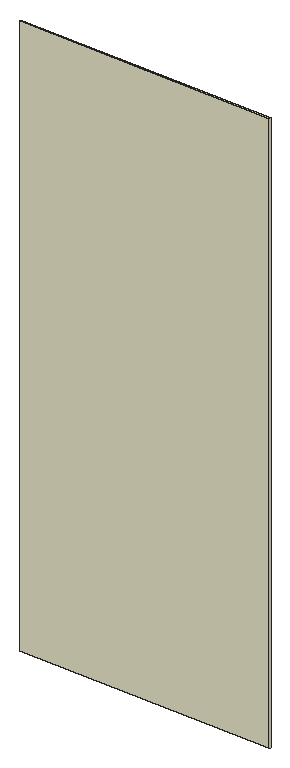
Revit family "MDR MR Honeycomb", category Generic Models, Revit 2017 (continued)
Lines and regions (mm)
  model lines, style "easycraft expressions pattern"
    curve 729: line (170.862, -9.5, 61.814) -> (129.302, -9.5, 123.625)
    curve 730: line (129.302, -9.5, 123.625) -> (170.862, -9.5, 185.435)
    curve 731: line (170.862, -9.5, 185.435) -> (129.302, -9.5, 247.246)
    curve 732: line (129.302, -9.5, 247.246) -> (170.862, -9.5, 309.057)
    curve 733: line (170.862, -9.5, 309.057) -> (129.302, -9.5, 370.868)
    curve 734: line (129.302, -9.5, 370.868) -> (170.862, -9.5, 432.677)
    curve 735: line (170.862, -9.5, 432.676) -> (129.302, -9.5, 494.488)
    curve 736: line (129.302, -9.5, 494.488) -> (170.862, -9.5, 556.299)
    curve 737: line (170.862, -9.5, 556.299) -> (129.302, -9.5, 618.11)
    curve 738: line (129.302, -9.5, 618.11) -> (170.863, -9.5, 679.922)
    curve 739: line (170.862, -9.5, 679.921) -> (129.302, -9.5, 741.732)
    curve 740: line (129.302, -9.5, 741.732) -> (170.862, -9.5, 803.543)
    curve 741: line (170.862, -9.5, 803.543) -> (129.302, -9.5, 865.354)
    curve 742: line (129.302, -9.5, 865.354) -> (170.862, -9.5, 927.167)
    curve 743: line (170.861, -9.5, 927.168) -> (129.302, -9.5, 988.978)
    curve 744: line (129.302, -9.5, 988.978) -> (170.863, -9.5, 1050.789)
    curve 745: line (170.862, -9.5, 1050.787) -> (129.302, -9.5, 1112.599)
    curve 746: line (129.302, -9.5, 1112.599) -> (170.862, -9.5, 1174.408)
    curve 747: line (170.861, -9.5, 1174.41) -> (129.302, -9.5, 1236.22)
    curve 748: line (129.302, -9.5, 1236.22) -> (170.862, -9.5, 1298.032)
    curve 749: line (170.862, -9.5, 1298.032) -> (129.302, -9.5, 1359.843)
    curve 750: line (129.302, -9.5, 1359.843) -> (170.862, -9.5, 1421.653)
    curve 751: line (170.862, -9.5, 1421.653) -> (129.302, -9.5, 1483.464)
    curve 752: line (129.302, -9.5, 1483.464) -> (170.862, -9.5, 1545.271)
    curve 753: line (170.861, -9.5, 1545.272) -> (129.302, -9.5, 1607.082)
    curve 754: line (129.302, -9.5, 1607.082) -> (170.862, -9.5, 1668.896)
    curve 755: line (170.861, -9.5, 1668.897) -> (129.302, -9.5, 1730.707)
    curve 756: line (129.302, -9.5, 1730.707) -> (170.863, -9.5, 1792.516)
    curve 757: line (170.862, -9.5, 1792.515) -> (129.302, -9.5, 1854.326)
    curve 758: line (129.302, -9.5, 1854.326) -> (170.862, -9.5, 1916.137)
    curve 759: line (170.86, -9.5, 1916.139) -> (129.302, -9.5, 1977.948)
    curve 760: line (129.302, -9.5, 1977.948) -> (170.863, -9.5, 2039.764)
    curve 761: line (170.862, -9.5, 2039.762) -> (129.302, -9.5, 2101.573)
    curve 762: line (129.302, -9.5, 2101.573) -> (170.862, -9.5, 2163.382)
    curve 763: line (170.862, -9.5, 2163.382) -> (129.302, -9.5, 2225.194)
    curve 764: line (129.302, -9.5, 2225.194) -> (170.862, -9.5, 2287.005)
    curve 765: line (170.861, -9.5, 2287.006) -> (129.302, -9.5, 2348.816)
    curve 766: line (129.302, -9.5, 2348.816) -> (170.862, -9.5, 2410.638)
    curve 767: line (170.862, -9.5, 2410.638) -> (229.294, -9.5, 2410.638)
    curve 768: line (129.302, -9.5, 2348.816) -> (70.868, -9.5, 2348.816)
    curve 769: line (129.301, -9.5, 2225.196) -> (70.868, -9.5, 2225.196)
    curve 770: line (129.301, -9.5, 2101.575) -> (70.868, -9.5, 2101.575)
    curve 771: line (129.301, -9.5, 1977.95) -> (70.868, -9.5, 1977.95)
    curve 772: line (129.302, -9.5, 1854.326) -> (70.868, -9.5, 1854.326)
    curve 773: line (129.302, -9.5, 1730.707) -> (70.868, -9.5, 1730.707)
    curve 774: line (129.302, -9.5, 1607.082) -> (70.868, -9.5, 1607.082)
    curve 775: line (129.302, -9.5, 1483.464) -> (70.868, -9.5, 1483.464)
    curve 776: line (129.302, -9.5, 1359.843) -> (70.868, -9.5, 1359.843)
    curve 777: line (129.302, -9.5, 1236.22) -> (70.868, -9.5, 1236.22)
    curve 778: line (129.302, -9.5, 1112.599) -> (70.868, -9.5, 1112.599)
    curve 779: line (129.302, -9.5, 988.978) -> (70.868, -9.5, 988.978)
    curve 780: line (129.301, -9.5, 865.355) -> (70.869, -9.5, 865.355)
    curve 781: line (129.302, -9.5, 741.732) -> (70.868, -9.5, 741.732)
    curve 782: line (129.302, -9.5, 618.11) -> (70.868, -9.5, 618.11)
    curve 783: line (129.301, -9.5, 494.489) -> (70.869, -9.5, 494.489)
    curve 784: line (129.302, -9.5, 370.868) -> (70.868, -9.5, 370.868)
    curve 785: line (129.302, -9.5, 247.246) -> (70.868, -9.5, 247.246)
    curve 786: line (129.302, -9.5, 123.625) -> (70.868, -9.5, 123.625)
    curve 787: line (29.31, -9.5, 2657.87) -> (0.063, -9.5, 2657.87)
    curve 788: line (29.31, -9.5, 2534.248) -> (0.063, -9.5, 2534.248)
    curve 789: line (29.31, -9.5, 2410.626) -> (0.063, -9.5, 2410.626)
    curve 790: line (29.31, -9.5, 2287.005) -> (0.063, -9.5, 2287.005)
    curve 791: line (29.31, -9.5, 2163.385) -> (0.063, -9.5, 2163.385)
    curve 792: line (29.31, -9.5, 2039.76) -> (0.063, -9.5, 2039.76)
    curve 793: line (29.31, -9.5, 1916.137) -> (0.063, -9.5, 1916.137)
    curve 794: line (29.31, -9.5, 1792.517) -> (0.063, -9.5, 1792.517)
    curve 795: line (29.31, -9.5, 1668.892) -> (0.063, -9.5, 1668.892)
    curve 796: line (29.31, -9.5, 1545.274) -> (0.063, -9.5, 1545.274)
    curve 797: line (29.31, -9.5, 1421.653) -> (0.063, -9.5, 1421.653)
    curve 798: line (29.31, -9.5, 1298.03) -> (0.063, -9.5, 1298.03)
    curve 799: line (29.31, -9.5, 1174.409) -> (0.063, -9.5, 1174.409)
    curve 800: line (29.31, -9.5, 1050.788) -> (0.063, -9.5, 1050.788)
    curve 801: line (29.31, -9.5, 927.166) -> (0.063, -9.5, 927.166)
    curve 802: line (29.309, -9.5, 803.542) -> (0.063, -9.5, 803.542)
    curve 803: line (29.31, -9.5, 679.92) -> (0.063, -9.5, 679.92)
    curve 804: line (29.31, -9.5, 556.299) -> (0.063, -9.5, 556.299)
    curve 805: line (29.309, -9.5, 432.678) -> (0.063, -9.5, 432.678)
    curve 806: line (29.31, -9.5, 309.056) -> (0.063, -9.5, 309.056)
    curve 807: line (29.31, -9.5, 185.435) -> (0.063, -9.5, 185.435)
    curve 808: line (29.309, -9.5, 61.815) -> (0.063, -9.5, 61.815)
    curve 809: line (1129.224, -9.5, 2719.688) -> (1070.792, -9.5, 2719.689)
    curve 810: line (929.24, -9.5, 2719.688) -> (870.807, -9.5, 2719.69)
    curve 811: line (729.26, -9.5, 2719.682) -> (670.823, -9.5, 2719.69)
    curve 812: line (529.271, -9.5, 2719.69) -> (470.838, -9.5, 2719.691)
    curve 813: line (329.293, -9.5, 2719.679) -> (270.854, -9.5, 2719.692)
    curve 814: line (129.301, -9.5, 2719.691) -> (70.869, -9.5, 2719.692)
Dimensions and locks
  "Panel_thickness": plane 4 "Panel face" to plane 1 "Center (Front/Back)"
  "Panel_width": Extrusion 1 to Extrusion 1
  "Panel_height": plane 5 to plane 2
  aligned and locked: level to plane 2
  aligned and locked: Extrusion 1 to level
  aligned and locked: plane 4 "Panel face" to Extrusion 1
Automatic sketch dimensions
  curve 90 to level = 0 mm
  plane 3 "Center (Left/Right)" to curve 726 = 29.309 mm
  plane 3 "Center (Left/Right)" to curve 714 = 29.309 mm
  plane 3 "Center (Left/Right)" to curve 805 = 29.309 mm
  plane 3 "Center (Left/Right)" to curve 803 = 29.31 mm
  plane 3 "Center (Left/Right)" to curve 804 = 29.31 mm
  plane 3 "Center (Left/Right)" to curve 806 = 29.31 mm
  plane 3 "Center (Left/Right)" to curve 807 = 29.31 mm
  plane 3 "Center (Left/Right)" to curve 801 = 29.31 mm
  plane 3 "Center (Left/Right)" to curve 800 = 29.31 mm
  plane 3 "Center (Left/Right)" to curve 799 = 29.31 mm
  plane 3 "Center (Left/Right)" to curve 691 = 29.31 mm
  plane 3 "Center (Left/Right)" to curve 798 = 29.31 mm
  plane 3 "Center (Left/Right)" to curve 797 = 29.31 mm
  plane 3 "Center (Left/Right)" to curve 796 = 29.31 mm
  plane 3 "Center (Left/Right)" to curve 689 = 29.31 mm
  plane 3 "Center (Left/Right)" to curve 795 = 29.31 mm
  plane 3 "Center (Left/Right)" to curve 794 = 29.31 mm
  plane 3 "Center (Left/Right)" to curve 793 = 29.31 mm
  plane 3 "Center (Left/Right)" to curve 685 = 29.31 mm
  plane 3 "Center (Left/Right)" to curve 683 = 29.31 mm
  plane 3 "Center (Left/Right)" to curve 694 = 29.31 mm
  plane 3 "Center (Left/Right)" to curve 791 = 29.31 mm
  plane 3 "Center (Left/Right)" to curve 693 = 70.868 mm
  plane 3 "Center (Left/Right)" to curve 695 = 70.868 mm
  plane 3 "Center (Left/Right)" to curve 691 = 70.868 mm
  plane 3 "Center (Left/Right)" to curve 779 = 70.868 mm
  plane 3 "Center (Left/Right)" to curve 699 = 70.868 mm
  plane 3 "Center (Left/Right)" to curve 705 = 70.868 mm
  plane 3 "Center (Left/Right)" to curve 768 = 70.868 mm
  plane 3 "Center (Left/Right)" to curve 703 = 70.868 mm
  plane 3 "Center (Left/Right)" to curve 781 = 70.868 mm
  plane 3 "Center (Left/Right)" to curve 707 = 70.868 mm
  plane 3 "Center (Left/Right)" to curve 782 = 70.868 mm
  plane 3 "Center (Left/Right)" to curve 772 = 70.868 mm
  plane 3 "Center (Left/Right)" to curve 709 = 70.868 mm
  plane 3 "Center (Left/Right)" to curve 784 = 70.868 mm
  plane 3 "Center (Left/Right)" to curve 786 = 70.868 mm
  plane 3 "Center (Left/Right)" to curve 683 = 70.868 mm
  plane 3 "Center (Left/Right)" to curve 774 = 70.868 mm
  plane 3 "Center (Left/Right)" to curve 685 = 70.868 mm
  plane 3 "Center (Left/Right)" to curve 723 = 70.868 mm
  plane 3 "Center (Left/Right)" to curve 713 = 70.869 mm
  plane 3 "Center (Left/Right)" to curve 719 = 70.869 mm
  curve 719 to curve 736 = 58.434 mm
  curve 683 to curve 686 = 58.434 mm
  curve 721 to curve 734 = 58.434 mm
  curve 685 to curve 687 = 58.434 mm
  curve 705 to curve 776 = 58.434 mm
  curve 723 to curve 732 = 58.434 mm
  curve 703 to curve 775 = 58.434 mm
  curve 713 to curve 741 = 58.434 mm
  curve 725 to curve 730 = 58.434 mm
  curve 717 to curve 737 = 58.434 mm
  curve 701 to curve 753 = 58.434 mm
  curve 711 to curve 743 = 58.434 mm
  curve 699 to curve 773 = 58.434 mm
  curve 697 to curve 772 = 58.434 mm
  curve 709 to curve 745 = 58.434 mm
  curve 695 to curve 759 = 58.435 mm
  curve 715 to curve 740 = 58.434 mm
  curve 707 to curve 777 = 58.434 mm
  curve 693 to curve 761 = 58.435 mm
  curve 691 to curve 763 = 58.435 mm
  curve 689 to curve 768 = 58.434 mm
  curve 759 to curve 665 = 41.558 mm
  curve 747 to curve 747 = 41.559 mm
  curve 773 to curve 667 = 41.559 mm
  curve 765 to curve 662 = 41.559 mm
  curve 743 to curve 743 = 41.559 mm
  curve 753 to curve 753 = 41.559 mm
  curve 659 to curve 767 = 41.559 mm
  curve 761 to curve 763 = 41.559 mm
  curve 739 to curve 741 = 41.559 mm
  curve 729 to curve 730 = 41.559 mm
  curve 749 to curve 751 = 41.559 mm
  curve 659 to curve 658 = 41.559 mm
  curve 731 to curve 732 = 41.559 mm
  curve 747 to curve 749 = 41.559 mm
  curve 735 to curve 736 = 41.559 mm
  curve 735 to curve 677 = 41.56 mm
  curve 757 to curve 666 = 41.56 mm
  curve 745 to curve 672 = 41.56 mm
  curve 739 to curve 738 = 41.56 mm
  curve 729 to curve 680 = 41.56 mm
  curve 761 to curve 760 = 41.561 mm
  level to curve 596 = 61.815 mm
  curve 680 to curve 596 = 58.431 mm
  curve 672 to curve 672 = 58.431 mm
  curve 671 to curve 671 = 58.433 mm
  curve 673 to curve 673 = 58.433 mm
  curve 748 to curve 670 = 58.432 mm
  curve 750 to curve 669 = 58.432 mm
  curve 675 to curve 675 = 58.431 mm
  curve 668 to curve 668 = 58.433 mm
  curve 736 to curve 676 = 58.432 mm
  curve 667 to curve 667 = 58.433 mm
  curve 666 to curve 666 = 58.431 mm
  curve 732 to curve 678 = 58.432 mm
  curve 665 to curve 665 = 58.434 mm
  curve 730 to curve 679 = 58.432 mm
  curve 662 to curve 559 = 58.433 mm
  curve 656 to curve 551 = 58.432 mm
  curve 658 to curve 661 = 58.432 mm
  curve 766 to curve 557 = 58.432 mm
  curve 677 to curve 590 = 58.432 mm
  curve 762 to curve 561 = 58.432 mm
  curve 664 to curve 563 = 58.431 mm
  curve 740 to curve 584 = 58.432 mm
  curve 559 to curve 560 = 41.558 mm
  curve 563 to curve 640 = 41.558 mm
  curve 561 to curve 562 = 41.558 mm
  curve 575 to curve 576 = 41.559 mm
  curve 569 to curve 570 = 41.559 mm
  curve 577 to curve 578 = 41.559 mm
  curve 571 to curve 644 = 41.559 mm
  curve 573 to curve 645 = 41.559 mm
  curve 579 to curve 580 = 41.559 mm
  curve 567 to curve 642 = 41.559 mm
  curve 565 to curve 566 = 41.559 mm
  curve 583 to curve 584 = 41.559 mm
  curve 589 to curve 653 = 41.559 mm
  curve 593 to curve 655 = 41.559 mm
  curve 551 to curve 555 = 41.559 mm
  curve 581 to curve 649 = 41.559 mm
  curve 557 to curve 556 = 41.559 mm
  curve 559 to curve 558 = 41.559 mm
  curve 587 to curve 586 = 41.559 mm
  curve 589 to curve 588 = 41.559 mm
  curve 593 to curve 592 = 41.559 mm
  curve 562 to curve 630 = 58.434 mm
  curve 588 to curve 604 = 58.433 mm
  curve 592 to curve 601 = 58.433 mm
  curve 594 to curve 655 = 58.434 mm
  curve 556 to curve 556 = 58.433 mm
  curve 552 to curve 555 = 58.434 mm
  curve 568 to curve 642 = 58.434 mm
  curve 586 to curve 606 = 58.433 mm
  curve 578 to curve 647 = 58.434 mm
  curve 590 to curve 602 = 58.434 mm
  curve 584 to curve 608 = 58.434 mm
  curve 566 to curve 626 = 58.434 mm
  curve 582 to curve 610 = 58.434 mm
  curve 580 to curve 612 = 58.434 mm
  curve 564 to curve 628 = 58.435 mm
  curve 570 to curve 643 = 58.434 mm
  curve 572 to curve 644 = 58.434 mm
  curve 574 to curve 645 = 58.434 mm
  curve 576 to curve 616 = 58.434 mm
  curve 560 to curve 632 = 58.435 mm
  curve 558 to curve 634 = 58.433 mm
  curve 632 to curve 532 = 41.558 mm
  curve 618 to curve 539 = 41.559 mm
  curve 624 to curve 536 = 41.559 mm
  curve 602 to curve 547 = 41.559 mm
  curve 528 to curve 636 = 41.559 mm
  curve 632 to curve 634 = 41.559 mm
  curve 628 to curve 630 = 41.559 mm
  curve 620 to curve 622 = 41.559 mm
  curve 528 to curve 527 = 41.559 mm
  curve 602 to curve 603 = 41.559 mm
  curve 604 to curve 605 = 41.559 mm
  curve 606 to curve 607 = 41.559 mm
  curve 608 to curve 609 = 41.559 mm
  curve 610 to curve 611 = 41.559 mm
  curve 612 to curve 613 = 41.559 mm
  curve 614 to curve 616 = 41.559 mm
  curve 598 to curve 549 = 41.56 mm
  curve 626 to curve 625 = 41.56 mm
  curve 600 to curve 599 = 41.56 mm
  curve 620 to curve 619 = 41.56 mm
  curve 628 to curve 534 = 41.561 mm
  level to curve 477 = 61.814 mm
  curve 549 to curve 477 = 58.431 mm
  curve 548 to curve 548 = 58.431 mm
  curve 621 to curve 537 = 58.432 mm
  curve 536 to curve 536 = 58.433 mm
  curve 615 to curve 540 = 58.432 mm
  curve 535 to curve 535 = 58.431 mm
  curve 547 to curve 547 = 58.433 mm
  curve 534 to curve 534 = 58.431 mm
  curve 538 to curve 538 = 58.431 mm
  curve 633 to curve 531 = 58.432 mm
  curve 527 to curve 530 = 58.432 mm
  curve 539 to curve 454 = 58.433 mm
  curve 613 to curve 541 = 58.432 mm
  curve 611 to curve 542 = 58.432 mm
  curve 605 to curve 545 = 58.432 mm
  curve 607 to curve 544 = 58.432 mm
  curve 635 to curve 636 = 58.432 mm
  curve 525 to curve 525 = 58.432 mm
  curve 603 to curve 471 = 58.432 mm
  curve 629 to curve 434 = 58.432 mm
  curve 532 to curve 432 = 58.434 mm
  curve 609 to curve 465 = 58.432 mm
  curve 426 to curve 427 = 41.559 mm
  curve 470 to curve 471 = 41.559 mm
  curve 439 to curve 440 = 41.559 mm
  curve 422 to curve 425 = 41.559 mm
  curve 420 to curve 424 = 41.559 mm
  curve 472 to curve 473 = 41.559 mm
  level to curve 475 = 123.625 mm
  curve 474 to curve 475 = 41.559 mm
  curve 455 to curve 460 = 41.559 mm
  curve 468 to curve 469 = 41.559 mm
  curve 443 to curve 453 = 41.559 mm
  curve 455 to curve 454 = 41.559 mm
  curve 457 to curve 461 = 41.559 mm
  curve 464 to curve 463 = 41.559 mm
  curve 431 to curve 430 = 41.559 mm
  curve 466 to curve 465 = 41.559 mm
  curve 433 to curve 432 = 41.559 mm
  curve 468 to curve 467 = 41.559 mm
  curve 435 to curve 434 = 41.559 mm
  curve 535 to curve 436 = 41.559 mm
  curve 439 to curve 438 = 41.559 mm
  curve 443 to curve 442 = 41.559 mm
  curve 432 to curve 446 = 58.433 mm
  curve 423 to curve 397 = 58.434 mm
  curve 475 to curve 524 = 58.434 mm
  curve 473 to curve 523 = 58.434 mm
  curve 471 to curve 522 = 58.434 mm
  curve 421 to curve 396 = 58.434 mm
  curve 467 to curve 520 = 58.433 mm
  curve 465 to curve 519 = 58.433 mm
  curve 452 to curve 499 = 58.433 mm
  curve 427 to curve 516 = 58.434 mm
  curve 436 to curve 448 = 58.433 mm
  curve 454 to curve 498 = 58.433 mm
  curve 438 to curve 449 = 58.433 mm
  curve 440 to curve 450 = 58.434 mm
  curve 442 to curve 451 = 58.433 mm
  curve 456 to curve 496 = 58.434 mm
  curve 434 to curve 510 = 58.433 mm
  curve 469 to curve 485 = 58.434 mm
  curve 461 to curve 494 = 58.433 mm
  curve 463 to curve 492 = 58.433 mm
  curve 430 to curve 514 = 58.434 mm
  curve 445 to curve 513 = 41.558 mm
  curve 509 to curve 403 = 41.558 mm
  curve 452 to curve 499 = 41.559 mm
  curve 449 to curve 505 = 41.559 mm
  curve 428 to curve 400 = 41.559 mm
  curve 461 to curve 494 = 41.559 mm
  curve 509 to curve 510 = 41.559 mm
  curve 460 to curve 496 = 41.559 mm
  curve 491 to curve 493 = 41.559 mm
  curve 397 to curve 516 = 41.559 mm
  curve 481 to curve 483 = 41.559 mm
  curve 397 to curve 396 = 41.559 mm
  curve 487 to curve 488 = 41.559 mm
  curve 451 to curve 502 = 41.559 mm
  curve 489 to curve 490 = 41.559 mm
  curve 485 to curve 415 = 41.56 mm
  level to curve 478 = 61.814 mm
  curve 479 to curve 478 = 41.56 mm
  curve 448 to curve 506 = 41.56 mm
  curve 487 to curve 486 = 41.56 mm
  level to curve 480 = 185.436 mm
  curve 481 to curve 480 = 41.56 mm
  curve 451 to curve 500 = 41.56 mm
  curve 418 to curve 418 = 58.431 mm
  curve 488 to curve 413 = 58.432 mm
  curve 482 to curve 416 = 58.432 mm
  curve 417 to curve 417 = 58.431 mm
  curve 404 to curve 404 = 58.431 mm
  curve 400 to curve 400 = 58.433 mm
  curve 396 to curve 399 = 58.432 mm
  curve 394 to curve 394 = 58.432 mm
  curve 492 to curve 411 = 58.432 mm
  curve 403 to curve 403 = 58.434 mm
  curve 516 to curve 329 = 58.432 mm
  curve 401 to curve 333 = 58.434 mm
  curve 510 to curve 335 = 58.432 mm
  curve 405 to curve 405 = 58.433 mm
  curve 494 to curve 410 = 58.432 mm
  curve 502 to curve 406 = 58.432 mm
  curve 414 to curve 414 = 58.431 mm
  curve 496 to curve 409 = 58.432 mm
  curve 415 to curve 362 = 58.432 mm
  curve 407 to curve 345 = 58.431 mm
  curve 490 to curve 356 = 58.432 mm
  curve 408 to curve 408 = 58.433 mm
  curve 333 to curve 377 = 41.558 mm
  curve 335 to curve 378 = 41.558 mm
  curve 323 to curve 324 = 41.559 mm
  curve 349 to curve 350 = 41.559 mm
  curve 347 to curve 348 = 41.559 mm
  curve 345 to curve 346 = 41.559 mm
  curve 325 to curve 326 = 41.559 mm
  curve 355 to curve 388 = 41.559 mm
  curve 361 to curve 391 = 41.559 mm
  curve 339 to curve 340 = 41.559 mm
  curve 329 to curve 375 = 41.559 mm
  curve 341 to curve 342 = 41.559 mm
  curve 333 to curve 333 = 41.559 mm
  curve 339 to curve 338 = 41.559 mm
  curve 345 to curve 344 = 41.559 mm
  curve 367 to curve 367 = 41.56 mm
  curve 365 to curve 365 = 41.559 mm
  curve 361 to curve 361 = 41.559 mm
  curve 359 to curve 359 = 41.559 mm
  curve 355 to curve 355 = 41.559 mm
  curve 353 to curve 353 = 41.559 mm
  curve 332 to curve 272 = 58.433 mm
  curve 334 to curve 275 = 58.435 mm
  curve 330 to curve 375 = 58.434 mm
  level to curve 373 = 247.246 mm
  curve 364 to curve 373 = 58.433 mm
  curve 336 to curve 279 = 58.435 mm
  curve 338 to curve 379 = 58.433 mm
  curve 340 to curve 380 = 58.434 mm
  curve 342 to curve 381 = 58.434 mm
  curve 346 to curve 383 = 58.434 mm
  curve 348 to curve 384 = 58.434 mm
  curve 350 to curve 385 = 58.434 mm
  curve 352 to curve 386 = 58.433 mm
  level to curve 371 = 123.623 mm
  curve 366 to curve 371 = 58.433 mm
  curve 326 to curve 328 = 58.434 mm
  curve 356 to curve 388 = 58.434 mm
  curve 324 to curve 327 = 58.434 mm
  curve 358 to curve 389 = 58.433 mm
  curve 362 to curve 391 = 58.434 mm
  curve 344 to curve 382 = 58.433 mm
  curve 360 to curve 315 = 58.433 mm
  curve 354 to curve 300 = 58.433 mm
  curve 288 to curve 289 = 41.559 mm
  curve 312 to curve 313 = 41.559 mm
  curve 290 to curve 291 = 41.559 mm
  curve 300 to curve 310 = 41.559 mm
  curve 300 to curve 299 = 41.559 mm
  curve 298 to curve 298 = 41.559 mm
  curve 266 to curve 266 = 41.559 mm
  curve 296 to curve 296 = 41.559 mm
  curve 294 to curve 293 = 41.559 mm
  curve 302 to curve 311 = 41.559 mm
  curve 316 to curve 315 = 41.559 mm
  curve 283 to curve 288 = 41.559 mm
  curve 266 to curve 270 = 41.559 mm
  curve 283 to curve 283 = 41.559 mm
  curve 281 to curve 281 = 41.559 mm
  curve 274 to curve 279 = 41.559 mm
  curve 272 to curve 271 = 41.559 mm
  level to curve 373 = 309.058 mm
  curve 316 to curve 373 = 41.559 mm
  curve 274 to curve 274 = 41.559 mm
  level to curve 371 = 185.436 mm
  curve 372 to curve 371 = 41.56 mm
  curve 370 to curve 321 = 41.56 mm
  level to curve 202 = 61.813 mm
  curve 321 to curve 202 = 58.431 mm
  curve 289 to curve 304 = 58.433 mm
  curve 269 to curve 269 = 58.432 mm
  curve 291 to curve 305 = 58.433 mm
  curve 265 to curve 268 = 58.432 mm
  curve 293 to curve 306 = 58.432 mm
  curve 295 to curve 307 = 58.432 mm
  curve 287 to curve 287 = 58.432 mm
  curve 299 to curve 309 = 58.432 mm
  curve 280 to curve 285 = 58.432 mm
  curve 311 to curve 311 = 58.432 mm
  curve 313 to curve 318 = 58.433 mm
  curve 320 to curve 320 = 58.431 mm
  curve 263 to curve 263 = 58.432 mm
  curve 297 to curve 308 = 58.432 mm
  curve 282 to curve 286 = 58.432 mm
  curve 271 to curve 276 = 58.432 mm
  curve 373 to curve 374 = 58.432 mm
  curve 315 to curve 197 = 58.432 mm
  curve 278 to curve 171 = 58.432 mm
  curve 301 to curve 191 = 58.433 mm
  curve 273 to curve 277 = 58.433 mm
  curve 190 to curve 191 = 41.559 mm
  curve 172 to curve 248 = 41.559 mm
  curve 158 to curve 159 = 41.559 mm
  curve 178 to curve 251 = 41.559 mm
  level to curve 197 = 370.869 mm
  curve 196 to curve 197 = 41.559 mm
  curve 184 to curve 185 = 41.559 mm
  curve 178 to curve 178 = 41.559 mm
  curve 176 to curve 176 = 41.559 mm
  curve 172 to curve 172 = 41.559 mm
  curve 182 to curve 181 = 41.559 mm
  curve 170 to curve 170 = 41.559 mm
  curve 184 to curve 183 = 41.559 mm
  curve 168 to curve 168 = 41.559 mm
  curve 166 to curve 166 = 41.559 mm
  curve 160 to curve 164 = 41.559 mm
  curve 188 to curve 187 = 41.559 mm
  curve 190 to curve 189 = 41.559 mm
  curve 194 to curve 193 = 41.559 mm
  curve 196 to curve 195 = 41.559 mm
  curve 200 to curve 199 = 41.559 mm
  level to curve 201 = 123.623 mm
  curve 202 to curve 201 = 41.56 mm
  level to curve 207 = 247.245 mm
  curve 199 to curve 207 = 58.433 mm
  curve 191 to curve 257 = 58.434 mm
  curve 193 to curve 258 = 58.433 mm
  curve 197 to curve 209 = 58.434 mm
  curve 187 to curve 255 = 58.433 mm
  curve 195 to curve 211 = 58.433 mm
  curve 201 to curve 262 = 58.433 mm
  curve 159 to curve 133 = 58.434 mm
  curve 163 to curve 135 = 58.433 mm
  curve 183 to curve 253 = 58.433 mm
  curve 181 to curve 252 = 58.433 mm
  curve 179 to curve 251 = 58.434 mm
  curve 177 to curve 250 = 58.433 mm
  curve 185 to curve 221 = 58.434 mm
  curve 175 to curve 249 = 58.433 mm
  curve 173 to curve 248 = 58.434 mm
  curve 165 to curve 244 = 58.433 mm
  curve 167 to curve 240 = 58.433 mm
  curve 169 to curve 238 = 58.433 mm
  curve 171 to curve 235 = 58.433 mm
  curve 189 to curve 256 = 58.434 mm
  curve 133 to curve 137 = 41.559 mm
  curve 223 to curve 147 = 41.559 mm
  curve 209 to curve 154 = 41.559 mm
  curve 231 to curve 231 = 41.559 mm
  curve 217 to curve 150 = 41.559 mm
  curve 135 to curve 243 = 41.559 mm
  curve 227 to curve 229 = 41.559 mm
  curve 225 to curve 227 = 41.559 mm
  curve 223 to curve 225 = 41.559 mm
  curve 217 to curve 219 = 41.559 mm
  curve 239 to curve 241 = 41.559 mm
  curve 231 to curve 232 = 41.559 mm
  level to curve 204 = 61.811 mm
  curve 205 to curve 204 = 41.559 mm
  curve 235 to curve 236 = 41.559 mm
  level to curve 206 = 185.434 mm
  curve 205 to curve 206 = 41.559 mm
  curve 237 to curve 239 = 41.559 mm
  curve 211 to curve 212 = 41.559 mm
  curve 810 to curve 132 = 41.56 mm
  curve 211 to curve 210 = 41.56 mm
  curve 215 to curve 151 = 41.56 mm
  curve 221 to curve 220 = 41.56 mm
  curve 235 to curve 234 = 41.561 mm
  curve 204 to curve 91 = 58.432 mm
  curve 134 to curve 137 = 58.433 mm
  curve 240 to curve 138 = 58.432 mm
  curve 141 to curve 141 = 58.431 mm
  curve 232 to curve 142 = 58.432 mm
  curve 228 to curve 144 = 58.432 mm
  curve 132 to curve 132 = 58.432 mm
  curve 226 to curve 145 = 58.432 mm
  curve 224 to curve 146 = 58.432 mm
  curve 147 to curve 147 = 58.433 mm
  curve 242 to curve 130 = 58.432 mm
  curve 148 to curve 148 = 58.431 mm
  curve 218 to curve 149 = 58.432 mm
  curve 151 to curve 151 = 58.431 mm
  curve 238 to curve 126 = 58.432 mm
  curve 212 to curve 152 = 58.432 mm
  curve 236 to curve 124 = 58.432 mm
  curve 154 to curve 154 = 58.433 mm
  curve 206 to curve 155 = 58.432 mm
  curve 143 to curve 118 = 58.433 mm
  level to curve 97 = 432.678 mm
  curve 153 to curve 97 = 58.432 mm
  curve 150 to curve 103 = 58.433 mm
  curve 101 to curve 34 = 41.559 mm
  curve 107 to curve 28 = 41.559 mm
  curve 95 to curve 40 = 41.559 mm
  level to curve 93 = 123.624 mm
  curve 93 to curve 93 = 41.559 mm
  level to curve 99 = 494.489 mm
  curve 97 to curve 99 = 41.559 mm
  curve 109 to curve 110 = 41.559 mm
  curve 119 to curve 121 = 41.559 mm
  curve 121 to curve 122 = 41.559 mm
  curve 113 to curve 114 = 41.559 mm
  curve 103 to curve 105 = 41.559 mm
  curve 45 to curve 809 = 41.559 mm
  curve 123 to curve 125 = 41.559 mm
  curve 125 to curve 126 = 41.559 mm
  curve 127 to curve 128 = 41.559 mm
  curve 43 to curve 130 = 41.559 mm
  curve 115 to curve 116 = 41.559 mm
  curve 117 to curve 119 = 41.559 mm
  curve 43 to curve 44 = 41.559 mm
  curve 103 to curve 102 = 41.56 mm
  curve 97 to curve 96 = 41.56 mm
  curve 113 to curve 112 = 41.56 mm
  curve 109 to curve 26 = 41.56 mm
  curve 98 to curve 36 = 58.432 mm
  curve 104 to curve 30 = 58.432 mm
  curve 26 to curve 72 = 58.431 mm
  curve 114 to curve 67 = 58.432 mm
  curve 46 to curve 809 = 58.432 mm
  curve 116 to curve 65 = 58.432 mm
  curve 44 to curve 3 = 58.432 mm
  curve 42 to curve 89 = 58.433 mm
  curve 118 to curve 63 = 58.432 mm
  curve 120 to curve 61 = 58.432 mm
  level to curve 87 = 247.244 mm
  curve 40 to curve 87 = 58.433 mm
  curve 122 to curve 59 = 58.432 mm
  level to curve 85 = 370.868 mm
  curve 38 to curve 85 = 58.431 mm
  curve 126 to curve 55 = 58.432 mm
  curve 22 to curve 22 = 58.431 mm
  curve 128 to curve 53 = 58.432 mm
  curve 110 to curve 24 = 58.432 mm
  curve 130 to curve 51 = 58.432 mm
  curve 28 to curve 28 = 58.433 mm
  curve 32 to curve 32 = 58.431 mm
  curve 34 to curve 34 = 58.433 mm
  curve 124 to curve 56 = 58.433 mm
  curve 10 to curve 57 = 41.559 mm
  curve 54 to curve 7 = 41.559 mm
  curve 32 to curve 79 = 41.559 mm
  curve 34 to curve 33 = 41.559 mm
  curve 30 to curve 78 = 41.56 mm
  curve 28 to curve 76 = 41.559 mm
  curve 47 to curve 47 = 41.559 mm
  curve 24 to curve 71 = 41.559 mm
  curve 3 to curve 49 = 41.559 mm
  curve 26 to curve 25 = 41.559 mm
  curve 50 to curve 51 = 41.559 mm
  level to curve 83 = 432.678 mm
  curve 36 to curve 83 = 41.56 mm
  level to curve 39 = 185.434 mm
  curve 40 to curve 39 = 41.559 mm
  curve 6 to curve 53 = 41.559 mm
  curve 22 to curve 21 = 41.559 mm
  curve 20 to curve 19 = 41.559 mm
  level to curve 85 = 309.056 mm
  curve 38 to curve 85 = 41.559 mm
  curve 18 to curve 17 = 41.559 mm
  curve 58 to curve 59 = 41.559 mm
  curve 16 to curve 15 = 41.559 mm
  curve 14 to curve 13 = 41.559 mm
  curve 42 to curve 89 = 41.56 mm
  level to curve 808 = 61.815 mm
  curve 476 to curve 597 = 0.001 mm
  curve 595 to curve 680 = 0.001 mm
  curve 549 to curve 598 = 61.81 mm
  curve 680 to curve 729 = 61.81 mm
  curve 93 to curve 206 = 0 mm
  curve 475 to curve 474 = 61.81 mm
  curve 594 to curve 593 = 61.81 mm
  curve 731 to curve 593 = 0 mm
  curve 725 to curve 807 = 61.81 mm
  curve 417 to curve 523 = 61.81 mm
  curve 548 to curve 600 = 61.81 mm
  curve 592 to curve 600 = 0 mm
  curve 730 to curve 785 = 61.811 mm
  curve 40 to curve 95 = 61.81 mm
  curve 364 to curve 416 = 61.811 mm
  curve 473 to curve 473 = 61.81 mm
  curve 592 to curve 678 = 61.811 mm
  curve 723 to curve 722 = 61.81 mm
  curve 373 to curve 316 = 61.81 mm
  curve 482 to curve 484 = 61.811 mm
  curve 547 to curve 603 = 61.81 mm
  curve 732 to curve 784 = 61.811 mm
  curve 197 to curve 197 = 61.81 mm
  curve 315 to curve 196 = 0 mm
  curve 362 to curve 361 = 61.81 mm
  curve 602 to curve 603 = 61.811 mm
  curve 470 to curve 603 = 0 mm
  curve 361 to curve 415 = 0.001 mm
  curve 590 to curve 589 = 61.81 mm
  curve 721 to curve 805 = 61.809 mm
  curve 36 to curve 98 = 0.001 mm
  curve 153 to curve 211 = 61.811 mm
  curve 196 to curve 211 = 0 mm
  curve 315 to curve 314 = 61.811 mm
  curve 360 to curve 314 = 0 mm
  curve 415 to curve 486 = 61.811 mm
  curve 603 to curve 604 = 61.811 mm
  curve 589 to curve 604 = 0 mm
  curve 485 to curve 521 = 0.001 mm
  curve 677 to curve 736 = 61.811 mm
  curve 735 to curve 719 = 0.001 mm
  curve 98 to curve 152 = 61.811 mm
  curve 213 to curve 99 = 0 mm
  curve 195 to curve 195 = 61.811 mm
  curve 360 to curve 360 = 61.811 mm
  curve 604 to curve 605 = 61.811 mm
  curve 468 to curve 605 = 0 mm
  curve 735 to curve 736 = 61.811 mm
  curve 676 to curve 736 = 0 mm  (x2)
  curve 719 to curve 804 = 61.811 mm
  curve 33 to curve 34 = 61.811 mm
  curve 194 to curve 193 = 61.811 mm
  curve 258 to curve 193 = 0 mm  (x2)
  curve 313 to curve 313 = 61.81 mm
  curve 358 to curve 312 = 0 mm
  curve 468 to curve 468 = 61.811 mm
  curve 520 to curve 467 = 0 mm  (x2)
  curve 605 to curve 651 = 61.811 mm
  curve 586 to curve 606 = 0 mm
  curve 736 to curve 738 = 61.811 mm
  curve 34 to curve 79 = 61.811 mm
  curve 34 to curve 102 = 61.81 mm
  curve 193 to curve 193 = 61.811 mm
  curve 358 to curve 358 = 61.811 mm
  curve 467 to curve 467 = 61.811 mm
  curve 586 to curve 675 = 61.811 mm
  curve 717 to curve 717 = 61.81 mm
  curve 31 to curve 32 = 61.811 mm
  curve 151 to curve 257 = 61.81 mm
  curve 311 to curve 302 = 61.81 mm
  curve 488 to curve 489 = 61.811 mm
  curve 466 to curve 489 = 0 mm
  curve 607 to curve 609 = 61.811 mm
  curve 675 to curve 739 = 61.81 mm
  curve 32 to curve 104 = 61.81 mm
  curve 32 to curve 77 = 61.811 mm
  curve 191 to curve 190 = 61.81 mm
  curve 103 to curve 150 = 0.001 mm
  curve 489 to curve 491 = 61.811 mm
  curve 355 to curve 490 = 0 mm
  curve 190 to curve 310 = 0.001 mm
  curve 465 to curve 465 = 61.811 mm
  curve 610 to curve 464 = 0 mm
  curve 739 to curve 740 = 61.811 mm
  curve 583 to curve 740 = 0 mm
  curve 715 to curve 714 = 61.809 mm
  curve 77 to curve 30 = 61.81 mm
  curve 150 to curve 217 = 61.81 mm
  curve 355 to curve 354 = 61.811 mm
  curve 300 to curve 354 = 0 mm
  curve 490 to curve 492 = 61.811 mm
  curve 464 to curve 491 = 0 mm
  curve 609 to curve 611 = 61.811 mm
  curve 740 to curve 742 = 61.811 mm
  curve 610 to curve 582 = 0.001 mm
  curve 104 to curve 105 = 61.811 mm
  curve 30 to curve 27 = 61.812 mm
  curve 189 to curve 189 = 61.811 mm
  curve 354 to curve 411 = 61.811 mm
  curve 493 to curve 353 = 0 mm
  curve 610 to curve 612 = 61.811 mm
  curve 582 to curve 582 = 61.811 mm
  curve 713 to curve 712 = 61.811 mm
  curve 27 to curve 74 = 61.811 mm
  curve 218 to curve 220 = 61.811 mm
  curve 299 to curve 298 = 61.811 mm
  curve 492 to curve 493 = 61.811 mm
  curve 611 to curve 648 = 61.811 mm
  curve 673 to curve 744 = 61.81 mm
  curve 28 to curve 107 = 61.81 mm
  curve 28 to curve 73 = 61.811 mm
  curve 298 to curve 298 = 61.811 mm
  curve 308 to curve 297 = 0 mm  (x2)
  curve 352 to curve 351 = 61.811 mm
  curve 494 to curve 351 = 0 mm
  curve 461 to curve 458 = 61.81 mm
  curve 580 to curve 672 = 61.81 mm
  curve 711 to curve 710 = 61.81 mm
  curve 25 to curve 26 = 61.811 mm
  curve 148 to curve 222 = 61.81 mm
  curve 297 to curve 385 = 61.811 mm
  curve 494 to curve 460 = 61.811 mm
  curve 613 to curve 614 = 61.811 mm
  curve 672 to curve 745 = 61.81 mm
  curve 26 to curve 72 = 61.811 mm
  curve 26 to curve 147 = 61.81 mm
  curve 296 to curve 295 = 61.811 mm
  curve 307 to curve 295 = 0 mm  (x2)
  curve 350 to curve 409 = 61.81 mm
  curve 614 to curve 616 = 61.811 mm
  curve 455 to curve 615 = 0 mm
  curve 578 to curve 578 = 61.81 mm
  curve 709 to curve 709 = 61.81 mm
  curve 23 to curve 70 = 61.811 mm
  curve 110 to curve 24 = 0 mm
  curve 147 to curve 223 = 61.81 mm
  curve 295 to curve 294 = 61.811 mm
  curve 496 to curve 459 = 61.811 mm
  curve 455 to curve 459 = 0 mm
  curve 615 to curve 646 = 61.811 mm
  curve 671 to curve 747 = 61.81 mm
  curve 223 to curve 224 = 61.811 mm
  curve 111 to curve 224 = 0 mm
  curve 24 to curve 69 = 61.811 mm
  curve 294 to curve 293 = 61.811 mm
  curve 306 to curve 293 = 0 mm  (x2)
  curve 348 to curve 347 = 61.81 mm
  curve 454 to curve 539 = 61.811 mm
  curve 576 to curve 670 = 61.81 mm
  curve 707 to curve 798 = 61.81 mm
  curve 21 to curve 68 = 61.811 mm
  curve 224 to curve 225 = 61.811 mm
  curve 181 to curve 225 = 0 mm
  curve 293 to curve 293 = 61.811 mm
  curve 408 to curve 500 = 61.81 mm
  curve 539 to curve 645 = 61.81 mm
  curve 748 to curve 750 = 61.811 mm
  curve 22 to curve 114 = 61.81 mm
  curve 22 to curve 68 = 61.811 mm
  curve 181 to curve 180 = 61.811 mm
  curve 346 to curve 345 = 61.81 mm
  curve 452 to curve 443 = 61.81 mm
  curve 574 to curve 669 = 61.81 mm
  curve 705 to curve 705 = 61.81 mm
  curve 113 to curve 114 = 61.811 mm
  curve 226 to curve 227 = 61.811 mm
  curve 291 to curve 290 = 61.81 mm
  curve 407 to curve 451 = 61.81 mm
  curve 443 to curve 451 = 0 mm
  curve 538 to curve 644 = 61.81 mm
  curve 750 to curve 775 = 61.811 mm
  curve 114 to curve 144 = 61.811 mm
  curve 20 to curve 66 = 61.811 mm
  curve 229 to curve 115 = 0 mm
  curve 179 to curve 304 = 61.81 mm
  curve 344 to curve 344 = 61.811 mm
  curve 502 to curve 343 = 0 mm
  curve 442 to curve 537 = 61.811 mm
  curve 622 to curve 441 = 0 mm
  curve 572 to curve 668 = 61.81 mm
  curve 703 to curve 703 = 61.81 mm
  curve 115 to curve 116 = 61.811 mm
  curve 228 to curve 250 = 61.811 mm
  curve 177 to curve 229 = 0 mm
  curve 289 to curve 288 = 61.81 mm
  curve 502 to curve 503 = 61.811 mm
  curve 621 to curve 623 = 61.811 mm
  curve 668 to curve 754 = 61.81 mm
  curve 116 to curve 118 = 61.811 mm
  curve 18 to curve 64 = 61.811 mm
  curve 177 to curve 287 = 61.811 mm
  curve 342 to curve 405 = 61.81 mm
  curve 440 to curve 440 = 61.81 mm
  curve 570 to curve 569 = 61.81 mm
  curve 701 to curve 700 = 61.81 mm
  curve 117 to curve 118 = 61.811 mm
  curve 176 to curve 176 = 61.811 mm
  curve 287 to curve 283 = 61.81 mm
  curve 439 to curve 439 = 61.811 mm
  curve 536 to curve 642 = 61.81 mm
  curve 667 to curve 756 = 61.81 mm
  curve 16 to curve 61 = 61.811 mm
  curve 118 to curve 119 = 61.811 mm
  curve 232 to curve 119 = 0 mm
  curve 175 to curve 174 = 61.811 mm
  curve 340 to curve 340 = 61.81 mm
  curve 438 to curve 535 = 61.811 mm
  curve 568 to curve 568 = 61.81 mm
  curve 699 to curve 698 = 61.81 mm
  curve 13 to curve 61 = 61.811 mm
  curve 232 to curve 248 = 61.811 mm
  curve 282 to curve 379 = 61.811 mm
  curve 535 to curve 437 = 61.811 mm
  curve 535 to curve 641 = 61.81 mm
  curve 666 to curve 772 = 61.81 mm
  curve 120 to curve 122 = 61.811 mm
  curve 14 to curve 59 = 61.811 mm
  curve 281 to curve 281 = 61.81 mm
  curve 280 to curve 173 = 0.001 mm
  curve 338 to curve 338 = 61.811 mm
  curve 436 to curve 436 = 61.811 mm
  curve 566 to curve 566 = 61.81 mm
  curve 697 to curve 697 = 61.81 mm
  curve 121 to curve 122 = 61.81 mm
  curve 59 to curve 122 = 0 mm
  curve 141 to curve 236 = 61.809 mm
  curve 172 to curve 235 = 0 mm
  curve 280 to curve 279 = 61.811 mm
  curve 403 to curve 510 = 61.809 mm
  curve 435 to curve 509 = 0 mm
  curve 534 to curve 628 = 61.809 mm
  curve 665 to curve 759 = 61.809 mm
  curve 279 to curve 336 = 0.002 mm
  curve 628 to curve 640 = 0.002 mm
  curve 759 to curve 695 = 0.002 mm
  curve 235 to curve 236 = 61.811 mm
  curve 123 to curve 236 = 0 mm
  curve 58 to curve 9 = 61.812 mm
  curve 171 to curve 171 = 61.811 mm
  curve 509 to curve 510 = 61.811 mm
  curve 335 to curve 510 = 0 mm
  curve 628 to curve 629 = 61.811 mm
  curve 433 to curve 629 = 0 mm
  curve 564 to curve 564 = 61.809 mm
  curve 695 to curve 694 = 61.81 mm
  curve 563 to curve 664 = 0.002 mm
  curve 123 to curve 124 = 61.811 mm
  curve 236 to curve 237 = 61.811 mm
  curve 169 to curve 237 = 0 mm
  curve 278 to curve 275 = 61.809 mm
  curve 433 to curve 433 = 61.811 mm
  curve 629 to curve 639 = 61.812 mm
  curve 664 to curve 761 = 61.809 mm
  curve 126 to curve 126 = 61.811 mm
  curve 238 to curve 125 = 0 mm
  curve 274 to curve 274 = 61.811 mm
  curve 273 to curve 168 = 0.001 mm
  curve 334 to curve 333 = 61.809 mm
  curve 432 to curve 431 = 61.811 mm
  curve 562 to curve 562 = 61.809 mm
  curve 763 to curve 561 = 0 mm
  curve 333 to curve 401 = 0.002 mm
  curve 693 to curve 791 = 61.81 mm
  curve 431 to curve 632 = 0.002 mm
  curve 168 to curve 168 = 61.81 mm
  curve 239 to curve 167 = 0 mm
  curve 273 to curve 273 = 61.811 mm
  curve 332 to curve 272 = 0 mm
  curve 431 to curve 431 = 61.811 mm
  curve 430 to curve 514 = 0.001 mm
  curve 532 to curve 633 = 61.809 mm
  curve 762 to curve 763 = 61.811 mm
  curve 763 to curve 769 = 0.002 mm
  curve 166 to curve 165 = 61.811 mm
  curve 332 to curve 400 = 61.811 mm
  curve 430 to curve 531 = 61.811 mm
  curve 560 to curve 560 = 61.809 mm
  curve 691 to curve 691 = 61.809 mm
  curve 241 to curve 165 = 0 mm
  curve 271 to curve 270 = 61.811 mm
  curve 400 to curve 515 = 61.81 mm
  curve 633 to curve 637 = 61.811 mm
  curve 559 to curve 634 = 0 mm
  curve 662 to curve 765 = 61.81 mm
  curve 330 to curve 329 = 61.81 mm
  curve 427 to curve 636 = 61.81 mm
  curve 689 to curve 688 = 61.81 mm
  curve 765 to curve 767 = 61.822 mm
  curve 516 to curve 397 = 61.81 mm
  curve 635 to curve 529 = 61.81 mm
  curve 766 to curve 687 = 61.8 mm
  curve 130 to curve 44 = 61.81 mm
  curve 528 to curve 528 = 61.811 mm
  curve 556 to curve 661 = 61.81 mm
  curve 685 to curve 684 = 61.81 mm
  curve 527 to curve 526 = 61.811 mm
  curve 658 to curve 686 = 61.811 mm
  curve 44 to curve 45 = 61.811 mm
  curve 324 to curve 323 = 61.81 mm
  curve 683 to curve 787 = 61.81 mm
  plane 3 "Center (Left/Right)" to curve 801 = 0.063 mm
  plane 3 "Center (Left/Right)" to curve 807 = 0.063 mm
  plane 3 "Center (Left/Right)" to curve 806 = 0.063 mm
  plane 3 "Center (Left/Right)" to curve 808 = 0.063 mm
  plane 3 "Center (Left/Right)" to curve 800 = 0.063 mm
  plane 3 "Center (Left/Right)" to curve 799 = 0.063 mm
  plane 3 "Center (Left/Right)" to curve 798 = 0.063 mm
  plane 3 "Center (Left/Right)" to curve 803 = 0.063 mm
  plane 3 "Center (Left/Right)" to curve 796 = 0.063 mm
  plane 3 "Center (Left/Right)" to curve 795 = 0.063 mm
  plane 3 "Center (Left/Right)" to curve 794 = 0.063 mm
  plane 3 "Center (Left/Right)" to curve 793 = 0.063 mm
  plane 3 "Center (Left/Right)" to curve 792 = 0.063 mm
  plane 3 "Center (Left/Right)" to curve 791 = 0.063 mm
  plane 3 "Center (Left/Right)" to curve 790 = 0.063 mm
  plane 3 "Center (Left/Right)" to curve 789 = 0.063 mm
  plane 3 "Center (Left/Right)" to curve 788 = 0.063 mm
  plane 3 "Center (Left/Right)" to curve 787 = 0.063 mm
  plane 3 "Center (Left/Right)" to curve 805 = 0.063 mm
  plane 3 "Center (Left/Right)" to curve 804 = 0.063 mm
  plane 3 "Center (Left/Right)" to curve 802 = 0.063 mm
  plane 3 "Center (Left/Right)" to curve 797 = 0.063 mm
  curve 726 to curve 727 = 0 mm
  curve 720 to curve 721 = 0 mm
  curve 714 to curve 715 = 0 mm
  curve 693 to curve 692 = 0 mm
  curve 695 to curve 694 = 0 mm
  level to curve 727 = 0.004 mm
  plane 3 "Center (Left/Right)" to curve 727 = 70.869 mm
  curve 709 to curve 710 = 0.001 mm
  curve 697 to curve 698 = 0.001 mm
  curve 711 to curve 712 = 0.001 mm
  curve 705 to curve 706 = 0.001 mm
  curve 703 to curve 704 = 0.001 mm
  curve 713 to curve 714 = 0.001 mm
  curve 715 to curve 716 = 0.001 mm
  curve 695 to curve 696 = 0.001 mm
  curve 717 to curve 718 = 0.001 mm
  curve 701 to curve 702 = 0.001 mm
  curve 719 to curve 720 = 0.001 mm
  curve 721 to curve 722 = 0.001 mm
  curve 707 to curve 708 = 0.001 mm
  curve 723 to curve 724 = 0.001 mm
  curve 693 to curve 694 = 0.001 mm
  curve 725 to curve 726 = 0.001 mm
  curve 699 to curve 700 = 0.001 mm
  curve 685 to curve 688 = 0.001 mm
  curve 691 to curve 692 = 0.001 mm
  curve 689 to curve 690 = 0.001 mm
  curve 683 to curve 684 = 0.001 mm
  curve 780 to curve 741 = 0.001 mm
  curve 770 to curve 761 = 0.001 mm
  curve 771 to curve 759 = 0.001 mm
  curve 783 to curve 735 = 0.001 mm
  curve 769 to curve 763 = 0.001 mm
  level to curve 728 = 0.004 mm
  curve 727 to curve 728 = 58.433 mm
  curve 661 to curve 658 = 0 mm
  curve 662 to curve 764 = 0.001 mm
  curve 761 to curve 664 = 0.001 mm
  curve 670 to curve 748 = 0 mm
  curve 665 to curve 758 = 0.001 mm
  curve 757 to curve 666 = 0.001 mm  (x2)
  curve 667 to curve 754 = 0.001 mm
  curve 669 to curve 750 = 0 mm
  level to curve 729 = 61.814 mm
  curve 729 to curve 680 = 0.001 mm
  curve 674 to curve 740 = 0 mm
  curve 668 to curve 752 = 0.001 mm
  curve 745 to curve 672 = 0.001 mm  (x2)
  curve 766 to curve 660 = 0 mm
  curve 735 to curve 677 = 0.001 mm  (x2)
  curve 671 to curve 746 = 0.001 mm
  curve 739 to curve 675 = 0.001 mm  (x2)
  curve 678 to curve 732 = 0 mm
  curve 663 to curve 762 = 0 mm
  curve 679 to curve 730 = 0 mm
  curve 673 to curve 742 = 0.001 mm
  curve 583 to curve 674 = 0 mm
  curve 589 to curve 677 = 0 mm
  curve 664 to curve 563 = 0 mm
  curve 595 to curve 680 = 0 mm
  curve 663 to curve 561 = 0 mm
  level to curve 596 = 0.003 mm
  curve 680 to curve 596 = 41.559 mm
  curve 637 to curve 558 = 0 mm
  curve 574 to curve 575 = 0.001 mm
  curve 566 to curve 567 = 0.001 mm
  curve 578 to curve 579 = 0.001 mm
  curve 572 to curve 573 = 0.001 mm
  curve 580 to curve 581 = 0.001 mm
  curve 568 to curve 569 = 0.001 mm
  curve 576 to curve 577 = 0.001 mm
  curve 582 to curve 583 = 0.001 mm
  curve 564 to curve 565 = 0.001 mm
  curve 584 to curve 585 = 0.001 mm
  curve 651 to curve 586 = 0 mm
  curve 654 to curve 592 = 0 mm
  curve 562 to curve 563 = 0.001 mm
  curve 590 to curve 591 = 0.001 mm
  curve 652 to curve 588 = 0 mm
  curve 570 to curve 571 = 0.001 mm
  curve 552 to curve 553 = 0.001 mm
  curve 556 to curve 554 = 0 mm
  level to curve 595 = 123.625 mm
  curve 594 to curve 595 = 0.001 mm
  curve 560 to curve 561 = 0.001 mm
  curve 649 to curve 610 = 0.001 mm
  curve 638 to curve 632 = 0.001 mm
  curve 652 to curve 604 = 0.001 mm  (x2)
  curve 640 to curve 628 = 0.001 mm
  level to curve 597 = 0.003 mm
  curve 596 to curve 597 = 58.433 mm
  curve 630 to curve 631 = 0 mm
  curve 546 to curve 603 = 0 mm
  curve 532 to curve 631 = 0.001 mm
  curve 628 to curve 534 = 0.001 mm
  curve 626 to curve 535 = 0.001 mm  (x2)
  curve 536 to curve 623 = 0.001 mm
  level to curve 598 = 61.813 mm
  curve 598 to curve 549 = 0.001 mm
  curve 600 to curve 548 = 0.001 mm  (x2)
  curve 547 to curve 601 = 0.001 mm
  curve 620 to curve 538 = 0.001 mm  (x2)
  curve 635 to curve 529 = 0 mm
  curve 530 to curve 527 = 0 mm
  curve 531 to curve 633 = 0 mm
  curve 539 to curve 617 = 0.001 mm
  curve 533 to curve 629 = 0 mm
  curve 537 to curve 621 = 0 mm
  curve 540 to curve 615 = 0 mm
  curve 541 to curve 613 = 0 mm
  curve 545 to curve 605 = 0 mm
  curve 542 to curve 611 = 0 mm
  curve 544 to curve 607 = 0 mm
  curve 543 to curve 609 = 0 mm
  curve 476 to curve 549 = 0 mm
  curve 533 to curve 433 = 0 mm
  curve 532 to curve 431 = 0 mm
  curve 470 to curve 546 = 0 mm
  curve 464 to curve 543 = 0 mm
  level to curve 477 = 0.003 mm
  curve 549 to curve 477 = 41.559 mm
  curve 451 to curve 442 = 0 mm
  curve 449 to curve 438 = 0 mm
  curve 446 to curve 432 = 0 mm
  curve 456 to curve 457 = 0.001 mm
  curve 448 to curve 436 = 0 mm
  curve 447 to curve 434 = 0 mm
  curve 461 to curve 458 = 0 mm
  curve 459 to curve 454 = 0 mm
  curve 421 to curve 422 = 0.001 mm
  curve 423 to curve 426 = 0.001 mm
  curve 427 to curve 429 = 0.001 mm
  curve 469 to curve 470 = 0.001 mm
  curve 471 to curve 472 = 0.001 mm
  curve 518 to curve 463 = 0 mm
  curve 440 to curve 441 = 0.001 mm
  curve 473 to curve 474 = 0.001 mm
  level to curve 476 = 123.624 mm
  curve 475 to curve 476 = 0.001 mm
  curve 452 to curve 444 = 0 mm
  curve 445 to curve 430 = 0 mm
  curve 519 to curve 465 = 0 mm
  curve 521 to curve 485 = 0.001 mm
  curve 518 to curve 491 = 0.001 mm
  curve 447 to curve 509 = 0.001 mm
  level to curve 478 = 0.003 mm
  curve 477 to curve 478 = 58.433 mm
  curve 513 to curve 445 = 0 mm
  curve 446 to curve 512 = 0 mm
  curve 501 to curve 407 = 0.001 mm  (x2)
  curve 507 to curve 404 = 0.001 mm  (x2)
  curve 485 to curve 415 = 0.001 mm  (x2)
  curve 401 to curve 512 = 0.001 mm
  curve 487 to curve 414 = 0.001 mm  (x2)
  curve 400 to curve 514 = 0.001 mm
  curve 408 to curve 498 = 0.001 mm
  level to curve 479 = 61.813 mm
  curve 479 to curve 418 = 0.001 mm
  level to curve 481 = 185.435 mm
  curve 481 to curve 417 = 0.001 mm
  curve 405 to curve 504 = 0.001 mm
  curve 516 to curve 398 = 0 mm
  curve 399 to curve 396 = 0 mm
  curve 416 to curve 482 = 0 mm
  curve 402 to curve 510 = 0 mm
  curve 413 to curve 488 = 0 mm
  curve 412 to curve 490 = 0 mm
  curve 411 to curve 492 = 0 mm
  curve 410 to curve 494 = 0 mm
  curve 403 to curve 508 = 0.001 mm
  curve 409 to curve 496 = 0 mm
  curve 406 to curve 502 = 0 mm
  level to curve 368 = 61.813 mm
  curve 367 to curve 368 = 0 mm
  curve 402 to curve 335 = 0 mm
  curve 361 to curve 415 = 0 mm
  curve 355 to curve 412 = 0 mm
  curve 401 to curve 333 = 0 mm
  level to curve 368 = 0.002 mm
  curve 367 to curve 368 = 41.56 mm
  curve 379 to curve 338 = 0 mm
  curve 382 to curve 344 = 0 mm
  curve 330 to curve 331 = 0.001 mm
  curve 376 to curve 332 = 0 mm
  curve 326 to curve 329 = 0.001 mm
  curve 386 to curve 352 = 0 mm
  curve 340 to curve 341 = 0.001 mm
  curve 387 to curve 354 = 0 mm
  curve 342 to curve 343 = 0.001 mm
  curve 389 to curve 358 = 0 mm
  curve 346 to curve 347 = 0.001 mm
  curve 324 to curve 325 = 0.001 mm
  curve 348 to curve 349 = 0.001 mm
  curve 390 to curve 360 = 0 mm
  curve 350 to curve 351 = 0.001 mm
  curve 334 to curve 335 = 0.001 mm
  curve 362 to curve 363 = 0.001 mm
  curve 392 to curve 364 = 0 mm
  curve 356 to curve 357 = 0.001 mm
  curve 336 to curve 337 = 0.001 mm
  curve 393 to curve 366 = 0 mm
  curve 390 to curve 314 = 0.001 mm  (x2)
  curve 387 to curve 300 = 0.001 mm  (x2)
  curve 376 to curve 272 = 0.001 mm
  curve 378 to curve 279 = 0.001 mm
  curve 377 to curve 274 = 0.001 mm
  level to curve 369 = 0.002 mm
  curve 368 to curve 369 = 58.433 mm
  curve 309 to curve 299 = 0 mm
  curve 269 to curve 267 = 0 mm
  curve 291 to curve 292 = 0.001 mm
  curve 301 to curve 302 = 0.001 mm
  curve 268 to curve 265 = 0 mm
  curve 289 to curve 290 = 0.001 mm
  curve 311 to curve 303 = 0 mm
  curve 313 to curve 314 = 0.001 mm
  curve 286 to curve 282 = 0 mm
  curve 285 to curve 280 = 0 mm
  level to curve 317 = 309.056 mm
  curve 373 to curve 317 = 0 mm
  curve 287 to curve 284 = 0 mm
  curve 319 to curve 315 = 0 mm
  level to curve 370 = 61.812 mm
  curve 370 to curve 321 = 0.001 mm
  level to curve 372 = 185.434 mm
  curve 372 to curve 320 = 0.001 mm
  curve 277 to curve 273 = 0 mm
  curve 276 to curve 271 = 0 mm
  curve 278 to curve 275 = 0 mm
  curve 196 to curve 319 = 0 mm
  curve 278 to curve 170 = 0 mm
  curve 202 to curve 321 = 0 mm
  curve 190 to curve 310 = 0 mm
  curve 169 to curve 168 = 0 mm
  level to curve 203 = 0.001 mm
  curve 321 to curve 203 = 41.559 mm
  curve 179 to curve 180 = 0.001 mm
  curve 173 to curve 174 = 0.001 mm
  curve 185 to curve 186 = 0.001 mm
  curve 244 to curve 165 = 0 mm
  curve 245 to curve 167 = 0 mm
  curve 163 to curve 161 = 0 mm
  curve 246 to curve 169 = 0 mm
  curve 191 to curve 192 = 0.001 mm
  curve 247 to curve 171 = 0 mm
  curve 159 to curve 160 = 0.001 mm
  curve 249 to curve 175 = 0 mm
  curve 250 to curve 177 = 0 mm
  curve 252 to curve 181 = 0 mm
  curve 253 to curve 183 = 0 mm
  level to curve 198 = 370.867 mm
  curve 197 to curve 198 = 0.001 mm
  curve 255 to curve 187 = 0 mm
  curve 256 to curve 189 = 0 mm
  curve 259 to curve 195 = 0 mm
  curve 261 to curve 199 = 0 mm
  curve 262 to curve 201 = 0 mm
  curve 246 to curve 237 = 0.001 mm
  curve 247 to curve 235 = 0.001 mm
  curve 259 to curve 211 = 0.001 mm
  curve 245 to curve 239 = 0.001 mm
  level to curve 204 = 0.001 mm
  curve 203 to curve 204 = 58.433 mm
  curve 218 to curve 217 = 0 mm
  curve 150 to curve 216 = 0.001 mm
  curve 147 to curve 222 = 0.001 mm
  curve 221 to curve 148 = 0.001 mm  (x2)
  curve 143 to curve 230 = 0.001 mm
  curve 156 to curve 204 = 0 mm
  curve 155 to curve 206 = 0 mm
  curve 152 to curve 212 = 0 mm
  curve 134 to curve 135 = 0.001 mm
  level to curve 208 = 309.056 mm
  curve 154 to curve 208 = 0.001 mm
  curve 149 to curve 218 = 0 mm
  curve 242 to curve 136 = 0 mm
  curve 138 to curve 240 = 0 mm
  curve 235 to curve 141 = 0.001 mm
  level to curve 211 = 432.678 mm
  curve 211 to curve 153 = 0.001 mm
  curve 146 to curve 224 = 0 mm
  curve 145 to curve 226 = 0 mm
  curve 144 to curve 228 = 0 mm
  curve 139 to curve 238 = 0 mm
  curve 142 to curve 232 = 0 mm
  curve 215 to curve 151 = 0.001 mm  (x2)
  curve 140 to curve 236 = 0 mm
  curve 139 to curve 125 = 0 mm
  curve 140 to curve 123 = 0 mm
  curve 103 to curve 150 = 0 mm
  curve 97 to curve 153 = 0 mm
  curve 91 to curve 156 = 0 mm
  curve 109 to curve 26 = 0.001 mm  (x2)
  level to curve 97 = 370.867 mm
  curve 97 to curve 38 = 0.001 mm
  curve 34 to curve 100 = 0.001 mm
  level to curve 94 = 247.244 mm
  curve 40 to curve 94 = 0.001 mm
  curve 113 to curve 22 = 0.001 mm  (x2)
  curve 28 to curve 106 = 0.001 mm
  level to curve 92 = 123.622 mm
  curve 42 to curve 92 = 0.001 mm
  level to curve 91 = 0.001 mm
  curve 156 to curve 91 = 41.559 mm
  curve 10 to curve 124 = 0 mm
  curve 12 to curve 122 = 0 mm
  curve 14 to curve 120 = 0 mm
  curve 16 to curve 118 = 0 mm
  curve 18 to curve 116 = 0 mm
  curve 20 to curve 114 = 0 mm
  curve 24 to curve 110 = 0 mm
  curve 8 to curve 126 = 0 mm
  curve 30 to curve 104 = 0 mm
  curve 103 to curve 32 = 0.001 mm  (x2)
  curve 6 to curve 128 = 0 mm
  curve 36 to curve 98 = 0 mm
  curve 3 to curve 44 = 0 mm
  curve 130 to curve 43 = 0 mm
  curve 91 to curve 90 = 58.432 mm
  curve 12 to curve 58 = 0 mm
  level to curve 83 = 494.489 mm
  curve 36 to curve 83 = 0 mm
  curve 8 to curve 54 = 0 mm
  curve 57 to curve 10 = 0 mm
  curve 30 to curve 77 = 0 mm
  curve 77 to curve 29 = 0 mm
  level to curve 35 = 432.677 mm
  curve 83 to curve 35 = 0 mm
  curve 7 to curve 56 = 0 mm
  curve 9 to curve 58 = 0 mm
  level to curve 90 = 61.812 mm
  curve 90 to curve 41 = 0 mm
  curve 19 to curve 19 = 29.216 mm
  curve 21 to curve 21 = 29.216 mm
  curve 23 to curve 23 = 29.216 mm
  curve 25 to curve 25 = 29.216 mm
  curve 58 to curve 9 = 29.216 mm
  curve 27 to curve 27 = 29.216 mm
  curve 29 to curve 29 = 29.216 mm
  curve 17 to curve 17 = 29.216 mm
  curve 13 to curve 13 = 29.216 mm
  curve 33 to curve 33 = 29.216 mm
  curve 35 to curve 35 = 29.216 mm
  curve 37 to curve 37 = 29.216 mm
  curve 5 to curve 5 = 29.216 mm
  curve 39 to curve 39 = 29.216 mm
  curve 4 to curve 4 = 29.216 mm
  curve 31 to curve 31 = 29.216 mm
  level to curve 41 = 61.811 mm
  curve 41 to curve 41 = 29.215 mm
  curve 15 to curve 15 = 29.216 mm
  curve 2 to curve 2 = 29.216 mm
  curve 56 to curve 7 = 29.216 mm
  curve 1 to curve 1 = 29.216 mm
  curve 11 to curve 11 = 29.216 mm
  curve 156 to curve 91 = 0.001 mm
  curve 202 to curve 321 = 0.001 mm
  curve 204 to curve 156 = 0 mm
  curve 726 to curve 727 = 0.001 mm
  curve 201 to curve 262 = 0 mm
  curve 366 to curve 393 = 0 mm
  curve 726 to curve 725 = 0.001 mm
  curve 474 to curve 473 = 0.001 mm
  curve 199 to curve 261 = 0 mm
  curve 364 to curve 392 = 0 mm
  curve 724 to curve 723 = 0.001 mm
  curve 601 to curve 547 = 0.001 mm
  curve 482 to curve 416 = 0 mm
  curve 732 to curve 678 = 0 mm
  curve 363 to curve 362 = 0.001 mm
  curve 472 to curve 471 = 0.001 mm
  curve 591 to curve 590 = 0.001 mm
  curve 722 to curve 721 = 0.001 mm
  curve 97 to curve 153 = 0.001 mm
  curve 319 to curve 315 = 0.001 mm
  curve 589 to curve 677 = 0.001 mm
  curve 546 to curve 603 = 0.001 mm
  curve 720 to curve 721 = 0.001 mm
  curve 259 to curve 195 = 0.001 mm
  curve 470 to curve 469 = 0.001 mm
  curve 720 to curve 719 = 0.001 mm
  curve 314 to curve 313 = 0.001 mm
  curve 100 to curve 34 = 0.001 mm
  curve 718 to curve 717 = 0.001 mm
  curve 303 to curve 311 = 0.001 mm
  curve 488 to curve 413 = 0 mm
  curve 607 to curve 544 = 0 mm
  curve 192 to curve 191 = 0.001 mm
  curve 357 to curve 356 = 0.001 mm
  curve 585 to curve 584 = 0.001 mm
  curve 716 to curve 715 = 0.001 mm
  curve 29 to curve 77 = 0.002 mm
